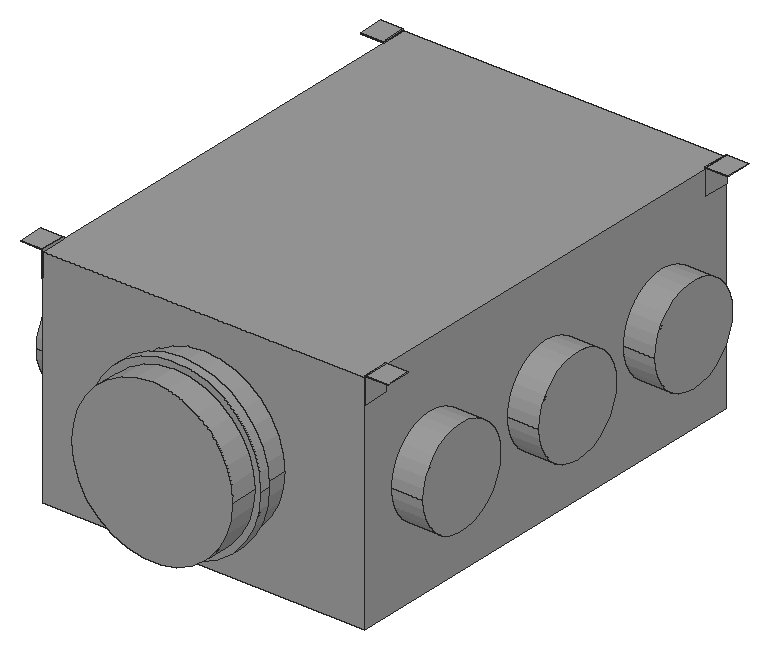
Revit family "SA_FASU(F8-150 250Φ)", category ダクト付属品, Revit 2021
Family settings
  丸型コネクタ寸法 = 直径を使用
  パーツ タイプ = ダンパー
  OmniClass 番号 = 23.75.00.00
  OmniClass タイトル = Climate Control (HVAC)
  作業面ベース = いいえ
  常に垂直 = はい
  ロード時にボイドで切り取り = いいえ
  共有 = いいえ
Parameters
  高さ = 350 mm
  風量 = 0.0 L/s
  符号 = "FASU"
  形式 = "F8-150 250φ"
  幅 [instance] = 500 mm
  奥行き = 700 mm
  大きさ = 250 mm
  呼称 = "FASUチャンバー"
  付属品_下端レベル [instance] = 0 mm
  マテリアル [instance] = 既定値
  ダクト_イン = 250 mm
  ダクト_アウト = 150 mm
  既定の高さ = 0 mm
Reference planes
  plane 1 "中心(正面/背面)": y = 0
  plane 2: z = 0
  plane 3 "中心(左/右)": x = 0
  plane 4: x = -250
  plane 5: x = 250
  plane 6: y = -700
  plane 7: z = 350
  plane 8: z = 175
  plane 9: z = 266.963
  plane 10: z = 86.159
  plane 11: x = -251
  plane 12: z = 313.122
  plane 13: z = 352.122
  plane 14: y = -350
Forms (mm)
  Extrusion 1, solid, material "既定値" <- "マテリアル"
    sketch origin (0, 0, 0) x (1, 0, 0) y (0, 1, 0)
      loop
        line (-250, 0) -> (-250, -700) -> (250, -700) -> (250, 0) -> (-250, 0)
    from 0 to 350
  Extrusion 2, solid, material "既定値" <- "マテリアル"
    sketch origin (0, -30, 0) x (1, 0, 0) y (0, 1, 0)
      loop
        line (-250, 30) -> (-251, 30) -> (-251, -10) -> (-250, -10) -> (-250, 30)
    from 313.122 to 350
  Extrusion 3, solid, material "既定値" <- "マテリアル"
    sketch origin (0, -30, 0) x (1, 0, 0) y (0, 1, 0)
      loop
        line (-285, 30) -> (-285, -10) -> (-251, -10) -> (-251, 30) -> (-285, 30)
    from 352.122 to 350
  Extrusion 4, solid, material "既定値" <- "マテリアル"
    sketch origin (0, -30, 0) x (-1, 0, 0) y (0, -1, 0)
      loop
        line (-250, -30) -> (-250, 10) -> (-251, 10) -> (-251, -30) -> (-250, -30)
    from 313.122 to 353.122
  Extrusion 5, solid, material "既定値" <- "マテリアル"
    sketch origin (0, -30, 0) x (-1, 0, 0) y (0, -1, 0)
      loop
        line (-285, -30) -> (-251, -30) -> (-251, 10) -> (-285, 10) -> (-285, -30)
    from 352.122 to 353.122
  Extrusion 6, solid, material "既定値" <- "マテリアル"
    sketch origin (0, -490, 0) x (1, 0, 0) y (0, 1, 0)
      loop
        line (-285, -170) -> (-285, -210) -> (-251, -210) -> (-251, -170) -> (-285, -170)
    from 352.122 to 353.122
  Extrusion 7, solid, material "既定値" <- "マテリアル"
    sketch origin (0, -490, 0) x (1, 0, 0) y (0, 1, 0)
      loop
        line (-250, -170) -> (-251, -170) -> (-251, -210) -> (-250, -210) -> (-250, -170)
    from 313.122 to 353.122
  Extrusion 8, solid, material "既定値" <- "マテリアル"
    sketch origin (0, -490, 0) x (-1, 0, 0) y (0, -1, 0)
      loop
        line (-285, 170) -> (-251, 170) -> (-251, 210) -> (-285, 210) -> (-285, 170)
    from 352.122 to 353.122
  Extrusion 9, solid, material "既定値" <- "マテリアル"
    sketch origin (0, -490, 0) x (-1, 0, 0) y (0, -1, 0)
      loop
        line (-250, 170) -> (-250, 210) -> (-251, 210) -> (-251, 170) -> (-250, 170)
    from 313.122 to 353.122
  Extrusion 10, solid, material "既定値" <- "マテリアル"
    sketch origin (550, -582.5, 0) x (0, -1, 0) y (0, 0, -1)
      loop
        circle (-232.5, -175) r 74.985
    from -300 to -250
  Extrusion 11, solid, material "既定値" <- "マテリアル"
    sketch origin (-550, -582.5, 0) x (0, -1, 0) y (0, 0, 1)
      loop
        circle (-232.5, 175) r 74.985
    from -300 to -250
  Extrusion 12, solid, material "既定値" <- "マテリアル"
    sketch origin (550, -357.5, 0) x (0, -1, 0) y (0, 0, -1)
      loop
        circle (-232.5, -175) r 74.985
    from -300 to -250
  Extrusion 13, solid, material "既定値" <- "マテリアル"
    sketch origin (-550, -357.5, 0) x (0, -1, 0) y (0, 0, 1)
      loop
        circle (-232.5, 175) r 74.985
    from -300 to -250
  Extrusion 14, solid, material "既定値" <- "マテリアル"
    sketch origin (550, -142.5, 0) x (0, 1, 0) y (0, 0, 1)
      loop
        circle (-432.5, 175) r 74.985
    from -300 to -250
  Extrusion 15, solid, material "既定値" <- "マテリアル"
    sketch origin (0, -142.5, 0) x (0, 1, 0) y (0, 0, 1)
      loop
        circle (-432.5, 175) r 74.985
    from -300 to -250
  Extrusion 16, solid, material "既定値" <- "マテリアル"
    sketch origin (345.5, 300, 0) x (1, 0, 0) y (0, 0, -1)
      loop
        circle (-232.5, -175) r 74.985
    from -300 to -250
  Extrusion 17, solid, material "既定値" <- "マテリアル"
    sketch origin (-345.5, 300, 0) x (-1, 0, 0) y (0, 0, 1)
      loop
        circle (-232.5, 175) r 74.985
    from -300 to -250
  Extrusion 18, solid, material "既定値" <- "マテリアル"
    sketch origin (0, -230, 0) x (1, 0, 0) y (0, 0, 1)
      loop
        circle (0, 175) r 125
    from 470 to 512.5
  Extrusion 19, solid, material "既定値" <- "マテリアル"
    sketch origin (0, -230, 0) x (1, 0, 0) y (0, 0, 1)
      loop
        circle (0, 175) r 135
    from 512.5 to 527.5
  Extrusion 20, solid, material "既定値" <- "マテリアル"
    sketch origin (0, -317.5, 0) x (1, 0, 0) y (0, 0, 1)
      loop
        circle (0, 175) r 125
    from 440 to 482.5
Lines and regions (mm)
  model lines
    curve 1: line (-250, -30, 0) -> (250, -30, 0)
    curve 2: line (-250, -670, 0) -> (250, -670, 0)
Text (mm)
  text "FASU(F8-150 250Φ)" at (3.713, -630.412, 0), in view "参照レベル"
Dimensions and locks
  equal spacing: plane 4, plane 3 "中心(左/右)", plane 5
  "幅": plane 4 to plane 5
  "奥行き": plane 6 to plane 1 "中心(正面/背面)"
  "高さ": plane 7 to level
  equal spacing: plane 7, plane 8, level
  equal spacing: plane 6, plane 14, plane 1 "中心(正面/背面)"
  aligned and locked: level to plane 2
  aligned and locked: Extrusion 1 sketch curve to plane 5
  aligned and locked: plane 7 to Extrusion 1
  aligned and locked: Extrusion 2 sketch curve to Extrusion 1
  aligned and locked: plane 7 to Extrusion 2
  aligned and locked: Extrusion 3 sketch curve to Extrusion 2
  aligned and locked: Extrusion 2 to Extrusion 3 sketch curve
  aligned and locked: plane 7 to Extrusion 3
  aligned and locked: Extrusion 3 to plane 13
  aligned and locked: Extrusion 4 to Extrusion 5 sketch curve
  aligned and locked: Extrusion 5 sketch curve to Extrusion 4
  aligned and locked: Extrusion 1 to Extrusion 8
  aligned and locked: Extrusion 6 to Extrusion 1
  aligned and locked: Extrusion 7 to Extrusion 1
  aligned and locked: Extrusion 1 to Extrusion 9
  aligned and locked: Extrusion 9 to Extrusion 8
  aligned and locked: Extrusion 7 to Extrusion 6
  aligned and locked: plane 4 to Extrusion 7
  aligned and locked: Extrusion 9 to plane 5
  aligned and locked: plane 4 to curve 1
  aligned and locked: plane 5 to curve 1
  aligned and locked: plane 5 to curve 2
  aligned and locked: Extrusion 1 to Extrusion 3
  aligned and locked: Extrusion 5 to Extrusion 1
  aligned and locked: Extrusion 4 to plane 5
  aligned and locked: Extrusion 1 to plane 6
  aligned and locked: Extrusion 1 to plane 1 "中心(正面/背面)"
  aligned and locked: Extrusion 12 to plane 5
  aligned and locked: plane 4 to Extrusion 13
  aligned and locked: Extrusion 14 to plane 5
  aligned and locked: plane 4 to Extrusion 15
  aligned and locked: plane 1 "中心(正面/背面)" to Extrusion 16
  aligned and locked: plane 1 "中心(正面/背面)" to Extrusion 17
  aligned and locked: Extrusion 19 to Extrusion 20
  aligned and locked: Extrusion 19 to Extrusion 18
  aligned and locked: plane 6 to Extrusion 18
Automatic sketch dimensions
  Extrusion 10 sketch curve to plane 8 = 0 mm
  Extrusion 10 sketch curve to plane 14 = 0 mm
  Extrusion 11 sketch curve to plane 8 = 0 mm
  Extrusion 11 sketch curve to plane 14 = 0 mm
  Extrusion 16 sketch curve to plane 8 = 0 mm
  plane 3 "中心(左/右)" to Extrusion 16 sketch curve = 113 mm
  Extrusion 17 sketch curve to plane 8 = 0 mm
  Extrusion 17 sketch curve to plane 3 "中心(左/右)" = 113 mm
  curve 2 to plane 4 = 0 mm
  plane 6 to curve 2 = 30 mm
  plane 1 "中心(正面/背面)" to curve 1 = 30 mm
  Extrusion 1 sketch curve to plane 4 = 0 mm
  Extrusion 1 sketch curve to plane 6 = 0 mm
  plane 1 "中心(正面/背面)" to Extrusion 1 sketch curve = 0 mm
  plane 1 "中心(正面/背面)" to Extrusion 2 sketch curve = 0 mm
  Extrusion 2 sketch curve to plane 11 = 0 mm
  Extrusion 2 sketch curve to Extrusion 2 sketch curve = 40 mm
  plane 1 "中心(正面/背面)" to Extrusion 3 sketch curve = 0 mm
  Extrusion 3 sketch curve to Extrusion 3 sketch curve = 34 mm
  plane 1 "中心(正面/背面)" to Extrusion 4 sketch curve = 0 mm
  Extrusion 4 sketch curve to plane 5 = 0 mm
  Extrusion 4 sketch curve to Extrusion 4 sketch curve = 1 mm
  Extrusion 4 sketch curve to Extrusion 4 sketch curve = 40 mm
  plane 1 "中心(正面/背面)" to Extrusion 5 sketch curve = 0 mm
  Extrusion 5 sketch curve to Extrusion 5 sketch curve = 34 mm
  Extrusion 6 sketch curve to plane 6 = 0 mm
  Extrusion 6 sketch curve to plane 11 = 0 mm
  Extrusion 6 sketch curve to plane 11 = 34 mm
  plane 6 to Extrusion 6 sketch curve = 40 mm
  Extrusion 7 sketch curve to plane 11 = 0 mm
  Extrusion 7 sketch curve to plane 4 = 0 mm
  Extrusion 7 sketch curve to plane 6 = 0 mm
  plane 6 to Extrusion 7 sketch curve = 40 mm
  Extrusion 8 sketch curve to plane 6 = 0 mm
  Extrusion 8 sketch curve to plane 5 = 35 mm
  Extrusion 8 sketch curve to plane 5 = 1 mm
  Extrusion 8 sketch curve to Extrusion 8 sketch curve = 40 mm
  Extrusion 9 sketch curve to plane 6 = 0 mm
  Extrusion 9 sketch curve to plane 5 = 0 mm
  Extrusion 9 sketch curve to Extrusion 9 sketch curve = 1 mm
  Extrusion 9 sketch curve to Extrusion 9 sketch curve = 40 mm
  Extrusion 12 sketch curve to plane 8 = 0 mm
  plane 1 "中心(正面/背面)" to Extrusion 12 sketch curve = 125 mm
  Extrusion 13 sketch curve to plane 8 = 0 mm
  plane 1 "中心(正面/背面)" to Extrusion 13 sketch curve = 125 mm
  Extrusion 14 sketch curve to plane 8 = 0 mm
  plane 6 to Extrusion 14 sketch curve = 125 mm
  Extrusion 15 sketch curve to plane 8 = 0 mm
  plane 6 to Extrusion 15 sketch curve = 125 mm
  Extrusion 18 sketch curve to plane 3 "中心(左/右)" = 0 mm
  Extrusion 18 sketch curve to plane 8 = 0 mm
  Extrusion 19 sketch curve to plane 3 "中心(左/右)" = 0 mm
  Extrusion 19 sketch curve to plane 8 = 0 mm
  Extrusion 20 sketch curve to plane 3 "中心(左/右)" = 0 mm
  Extrusion 20 sketch curve to plane 8 = 0 mm
  radius of Extrusion 10 sketch curve = 74.985 mm
  radius of Extrusion 11 sketch curve = 74.985 mm
  radius of Extrusion 16 sketch curve = 74.985 mm
  radius of Extrusion 17 sketch curve = 74.985 mm
  radius of Extrusion 12 sketch curve = 74.985 mm
  radius of Extrusion 13 sketch curve = 74.985 mm
  radius of Extrusion 14 sketch curve = 74.985 mm
  radius of Extrusion 15 sketch curve = 74.985 mm
  radius of Extrusion 18 sketch curve = 125 mm
  radius of Extrusion 19 sketch curve = 135 mm
  radius of Extrusion 20 sketch curve = 125 mm
Connectors
  hvac at (-300, -575, 175), driven by "ダクト_アウト"
    settings: on Extrusion 15, index 1, duct flow 0.0 L/s, flow factor 0, pres drop 0.0 Pa, loss coef 0, conn angle 0.00°, conn width 304.8 mm, conn height 304.8 mm, conn diameter 150 mm, duct sys type 29, conn prof type 0, flow config 0, flow direction 2, loss method 0, conn ref index -1, conn util no, is conn primary yes, conn desc ""
  hvac at (-300, -350, 175), driven by "ダクト_アウト"
    settings: on Extrusion 11, index 2, duct flow 0.0 L/s, flow factor 0, pres drop 0.0 Pa, loss coef 0, conn angle 0.00°, conn width 304.8 mm, conn height 304.8 mm, conn diameter 150 mm, duct sys type 29, conn prof type 0, flow config 0, flow direction 2, loss method 0, conn ref index -1, conn util no, is conn primary no, conn desc ""
  hvac at (-300, -125, 175), driven by "ダクト_アウト"
    settings: on Extrusion 13, index 3, duct flow 0.0 L/s, flow factor 0, pres drop 0.0 Pa, loss coef 0, conn angle 0.00°, conn width 304.8 mm, conn height 304.8 mm, conn diameter 150 mm, duct sys type 29, conn prof type 0, flow config 0, flow direction 2, loss method 0, conn ref index -1, conn util no, is conn primary no, conn desc ""
  hvac at (-113, 50, 175), driven by "ダクト_アウト"
    settings: on Extrusion 17, index 4, duct flow 0.0 L/s, flow factor 0, pres drop 0.0 Pa, loss coef 0, conn angle 0.00°, conn width 304.8 mm, conn height 304.8 mm, conn diameter 150 mm, duct sys type 29, conn prof type 0, flow config 0, flow direction 2, loss method 0, conn ref index -1, conn util no, is conn primary no, conn desc ""
  hvac at (113, 50, 175), driven by "ダクト_アウト"
    settings: on Extrusion 16, index 5, duct flow 0.0 L/s, flow factor 0, pres drop 0.0 Pa, loss coef 0, conn angle 0.00°, conn width 304.8 mm, conn height 304.8 mm, conn diameter 150 mm, duct sys type 29, conn prof type 0, flow config 0, flow direction 2, loss method 0, conn ref index -1, conn util no, is conn primary no, conn desc ""
  hvac at (300, -125, 175), driven by "ダクト_アウト"
    settings: on Extrusion 12, index 6, duct flow 0.0 L/s, flow factor 0, pres drop 0.0 Pa, loss coef 0, conn angle 0.00°, conn width 304.8 mm, conn height 304.8 mm, conn diameter 150 mm, duct sys type 29, conn prof type 0, flow config 0, flow direction 2, loss method 0, conn ref index -1, conn util no, is conn primary no, conn desc ""
  hvac at (300, -350, 175), driven by "ダクト_アウト"
    settings: on Extrusion 10, index 7, duct flow 0.0 L/s, flow factor 0, pres drop 0.0 Pa, loss coef 0, conn angle 0.00°, conn width 304.8 mm, conn height 304.8 mm, conn diameter 150 mm, duct sys type 29, conn prof type 0, flow config 0, flow direction 2, loss method 0, conn ref index -1, conn util no, is conn primary no, conn desc ""
  hvac at (300, -575, 175), driven by "ダクト_アウト"
    settings: on Extrusion 14, index 8, duct flow 0.0 L/s, flow factor 0, pres drop 0.0 Pa, loss coef 0, conn angle 0.00°, conn width 304.8 mm, conn height 304.8 mm, conn diameter 150 mm, duct sys type 29, conn prof type 0, flow config 0, flow direction 2, loss method 0, conn ref index -1, conn util no, is conn primary no, conn desc ""
  hvac at (0, -800, 175), driven by "ダクト_イン"
    settings: on Extrusion 20, index 18, duct flow 0.0 L/s, flow factor 0, pres drop 0.0 Pa, loss coef 0, conn angle 0.00°, conn width 304.8 mm, conn height 304.8 mm, conn diameter 250 mm, duct sys type 29, conn prof type 0, flow config 0, flow direction 1, loss method 0, conn ref index -1, conn util no, is conn primary no, conn desc ""
